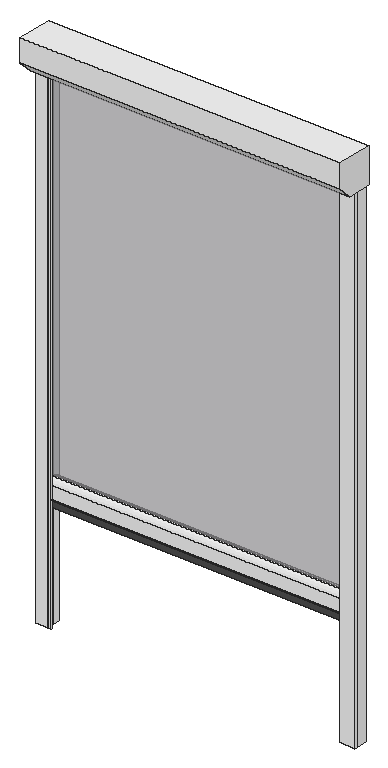
Revit family "Wall_Mount-Screen-Sliding-Phantom_Screens-Motorized_Overhead_Surface_Mounted-1", category Specialty Equipment, Revit 2026
Family settings
  Round Connector Dimension = Use Diameter
  Part Type = Normal
  Classification Number = 23.30.60.21
  Work Plane-Based = No
  Enable Cutting in Views = No
  Always vertical = Yes
  Cut with Voids When Loaded = No
  Maintain Annotation Orientation = No
  Shared = No
  Room Calculation Point = No
Parameters (values of type "4 in Housing Surface Mount")
  Width [instance] = if(Requested Width > Max Width, Max Width, if(Requested Width < Min Width, Min Width, Requested Width))  # 3' - 0"
  URL = "https://www.phantomscreens.com/"
  Type Comments = if([7 1/8 in Housing], "7 1/8 in Housing Surface Mount", if([5 1/2 in Housing], "5 1/2 in Housing Surface Mount", "4 in Housing Surface Mount"))  # "4 in Housing Surface Mount"
  Track Thickness = 0' - 1 17/32"  # constant formula
  Track Height = if(Inside Jamb, 0' 1 29/32", 0' 1 85/256")  # 0' - 1 85/256"
  Thickness = if([7 1/8 in Housing], 0' 7 1/8", if([5 1/2 in Housing], 0' 5 1/2", 0' 4"))  # 0' - 4"
  Surface Mounted = not(Inside Jamb)  # yes
  Slide Bar Height [instance] = if([4 in Bottom Seal], 0' 3 11/16", if([6 in Bottom Seal], 0' 4 5/16", if([1 1/2 in Brush Pile], 0' 3 13/16", if([3/4 in Brush Pile], 0' 3 1/16", 0' 3 15/64"))))  # 0' - 3 1/16"
  Roller Radius = if([7 1/8 in Housing], 0' 2 1/2", if([5 1/2 in Housing], 0' 2", 0' 1 1/4"))  # 0' - 1 1/4"
  Inside Jamb = no
  Screen Opening Height Calc [instance] = if(Screen Opening > Height Opening - Slide Bar Height, Height Opening - Slide Bar Height, Screen Opening)  # 1' - 0"
  Requested Width [instance] = 3' - 0"
  Requested Height [instance] = 5' - 0"
  Product Page URL = "https://www.phantomscreens.com/retractable-large-openings/"
  Product Name = "Motorized Overhead Wall Screens"  # constant formula
  Product Documentation Link = "https://www.phantomscreens.com/architects-designers/"
  Model = "Motorized Retractable Wall Screen"  # constant formula
  Min Width = if([7 1/8 in Housing], 2' 9", if([5 1/2 in Housing], 2' 9", 2' 2"))  # 2' - 2"
  Mesh Offset = 0' - 0 177/256"
  Max Width = if([7 1/8 in Housing], 25' 0", if([5 1/2 in Housing], 20' 0", 10' 0"))  # 10' - 0"
  Max Height = if([7 1/8 in Housing], 16' 0", if([5 1/2 in Housing], 11' 0", 8' 0"))  # 8' - 0"
  Manufacturer = "Phantom Mfg. (Int'l) Ltd."  # constant formula
  Housing Height = if([7 1/8 in Housing], 0' 7 1/8", if([5 1/2 in Housing], 0' 5 1/2", 0' 4"))  # 0' - 4"
  Height Opening [instance] = Height - Housing Height  # 4' - 8"
  Height [instance] = if(Requested Height > Max Height, Max Height, Requested Height)  # 5' - 0"
  Finish Seal = Vinyl-Seal-Phantom_Screens-T-Vinyl_Black
  Finish Screen = Screen-Insect_Mesh-Phantom_Screens-BetterVue_Mesh
  Finish = Metal-Aluminum-Phantom_Screens-Classic_White
  Screen Opening [instance] = 1' - 0"
  Description = "Phantom motorized retractable screen with side tracks"  # constant formula
  Default Elevation = 0' - 0"
  Brush Pile [instance] = or([3/4 in Brush Pile], [1 1/2 in Brush Pile])  # yes
  Assembly Code = "B2010300"
  6 in Bottom Seal [instance] = no
  5 1/2 in Housing = no
  7 1/8 in Housing = no
  4 in Housing = not(or([5 1/2 in Housing], [7 1/8 in Housing]))  # yes
  4 in Bottom Seal [instance] = no
  3/4 in Brush Pile [instance] = yes
  3 in Bottom Seal [instance] = not(or(or(or([4 in Bottom Seal], [6 in Bottom Seal], [1 1/2 in Brush Pile], [3/4 in Brush Pile]))))  # no
  1 1/2 in Brush Pile [instance] = no
Reference planes (in)
  plane 1 "Center (Front/Back)": y = -3.46754
  plane 2: z = 0
  plane 3 "Center (Left/Right)": x = 28.55646
  plane 4 "Top": z = 60
  plane 5 "Left": x = 10.55646
  plane 6 "Right": x = 46.55646
  plane 7 "Front": y = -5.46754
  plane 8 "Back": y = -1.46754
  plane 9 "Screen Top": z = 56
  plane 10 "Track Interior": y = -3.31278
  plane 11 "Bottom Track": z = 12
  plane 12 "Track Exterior": y = -1.78153
  plane 13 "Right Offset": x = 45.22442
  plane 14 "Left Offset": x = 11.88849
  plane 15 "ScreenOffset": z = 15.0625
  plane 16 "Slide Bar Edge": y = -0.76442
  plane 17 "Req Width Left": x = 10.55646
  plane 18 "Req Width Right": x = 46.55646
  plane 19 "Req Height": z = 60
  plane 20 "screen open": z = 12
  plane 21: z = 12
Forms (in)
  Extrusion 1, solid, material "Metal-Aluminum-Phantom_Screens-Classic_White" <- "Finish", detail levels coarse
    sketch origin (0, 0, 0) x (1, 0, 0) y (0, 1, 0)
      loop
        line (10.55646, -1.78153) -> (10.55646, -3.31278) -> (11.88849, -3.31278) -> (11.88849, -1.78153) -> (10.55646, -1.78153)
      loop
        line (45.22442, -1.78153) -> (45.22442, -3.31278) -> (46.55646, -3.31278) -> (46.55646, -1.78153) -> (45.22442, -1.78153)
    from 0 to 56
  Extrusion 2, solid, material "Screen-Insect_Mesh-Phantom_Screens-BetterVue_Mesh" <- "Finish Screen"
    sketch origin (0, -0.02344, 0) x (1, 0, 0) y (0, 1, 0)
      loop
        line (11.51349, -2.4495) -> (11.51349, -2.52372) -> (45.59552, -2.52372) -> (45.59552, -2.4495) -> (11.51349, -2.4495)
    from 14.68029 to 58.05
  Extrusion 3, solid, material "Metal-Aluminum-Phantom_Screens-Classic_White" <- "Finish", visible <- "Inside Jamb", detail levels medium+fine
    sketch origin (0, 0, 0) x (1, 0, 0) y (0, 1, 0)
      loop
        line (12.46364, -1.84281) -> (12.46364, -1.78153) -> (10.55646, -1.78153) -> (10.55646, -2.7621) -> (11.12978, -2.7621) -> (11.12978, -3.37406) -> (12.87978, -3.37406) -> (12.87978, -3.31895) -> (12.46349, -3.31895) -> (12.46349, -3.1731) -> (12.46349, -2.60807) -> (12.42731, -2.60807) -> (12.42731, -2.53537) -> (12.46364, -2.53537) -> (12.46364, -1.84281)
      loop
        line (44.64927, -1.84281) -> (44.64927, -2.53537) -> (44.6856, -2.53537) -> (44.6856, -2.60807) -> (44.64942, -2.60807) -> (44.64942, -3.1731) -> (44.64942, -3.25766) -> (44.23313, -3.25766) -> (44.23313, -3.31278) -> (45.98313, -3.31278) -> (45.98313, -2.7621) -> (46.55646, -2.7621) -> (46.55646, -1.78153) -> (44.64927, -1.78153) -> (44.64927, -1.84281)
    from 0 to 56
  Extrusion 4, solid, material "Metal-Aluminum-Phantom_Screens-Classic_White" <- "Finish", visible <- "Surface Mounted", detail levels medium+fine
    sketch origin (0, 0, 0) x (1, 0, 0) y (0, 1, 0)
      loop
        line (11.89032, -1.78153) -> (10.55646, -1.78153) -> (10.55646, -3.10965) -> (10.55646, -3.31278) -> (12.30646, -3.31278) -> (12.30646, -3.25766) -> (11.89017, -3.25766) -> (11.89017, -3.11181) -> (11.89017, -2.54679) -> (11.85398, -2.54679) -> (11.85398, -2.47408) -> (11.89032, -2.47408) -> (11.89032, -1.78153)
      loop
        line (45.22259, -1.78153) -> (45.22259, -2.47408) -> (45.25893, -2.47408) -> (45.25893, -2.54679) -> (45.22274, -2.54679) -> (45.22274, -3.11181) -> (45.22274, -3.25766) -> (44.80646, -3.25766) -> (44.80646, -3.31278) -> (46.55646, -3.31278) -> (46.55646, -3.10965) -> (46.55646, -1.78153) -> (45.22259, -1.78153)
    from 0 to 56
  Extrusion 5, solid, material "Metal-Aluminum-Phantom_Screens-Classic_White" <- "Finish", detail levels coarse
    sketch origin (28.55646, 0, 0) x (0, 1, 0) y (0, 0, 1)
      loop
        line (-1.46754, 60) -> (-5.46754, 60) -> (-5.46754, 56) -> (-1.46754, 56) -> (-1.46754, 60)
    from -18 to 18
  Extrusion 6, solid, material "Metal-Aluminum-Phantom_Screens-Classic_White" <- "Finish", detail levels medium+fine
    sketch origin (28.55646, 0, 0) x (0, 1, 0) y (0, 0, 1)
      loop
        line (-5.46754, 57.443) -> (-4.02454, 56) -> (-1.46754, 56) -> (-1.46754, 60) -> (-5.46754, 60) -> (-5.46754, 57.443)
    from -18 to 18
  Extrusion 7, solid, material "Metal-Aluminum-Phantom_Screens-Classic_White" <- "Finish", detail levels coarse
    sketch origin (28.55646, 0, 0) x (0, 1, 0) y (0, 0, 1)
      loop
        line (-1.95731, 15.0625) -> (-2.98856, 15.0625) -> (-2.98856, 12) -> (-1.95731, 12) -> (-1.95731, 15.0625)
    from -16.66797 to 16.66797
  Extrusion 8, solid, material "Metal-Aluminum-Phantom_Screens-Classic_White" <- "Finish", detail levels medium+fine
    sketch origin (28.55646, -0.01208, 0) x (0, 1, 0) y (0, 0, 1)
      loop
        arc (-2.10058, 12.65046) -> (-2.12244, 12.69419) -> (-2.1349, 12.74147) r 0.23788
        line (-2.1349, 12.74147) -> (-2.01652, 12.74147)
        arc (-2.01652, 12.74147) -> (-1.96084, 12.76453) -> (-1.93778, 12.82021) r 0.07874
        line (-1.93778, 12.82021) -> (-1.93778, 14.28317)
        arc (-1.93778, 14.28317) -> (-2.04075, 14.69479) -> (-2.25244, 15.0625) r 1.53543
        line (-2.25244, 15.0625) -> (-2.36492, 15.0625) -> (-2.36492, 14.99735) -> (-2.54189, 14.99735) -> (-2.54189, 15.0625) -> (-2.65437, 15.0625)
        arc (-2.65437, 15.0625) -> (-2.86606, 14.69479) -> (-2.96903, 14.28317) r 1.53543
        line (-2.96903, 14.28317) -> (-2.96903, 12.82021)
        arc (-2.96903, 12.82021) -> (-2.94597, 12.76453) -> (-2.89029, 12.74147) r 0.07874
        line (-2.89029, 12.74147) -> (-2.7785, 12.74147)
        arc (-2.7785, 12.74147) -> (-2.79095, 12.69419) -> (-2.81282, 12.65046) r 0.23788
        line (-2.81282, 12.65046) -> (-2.10058, 12.65046)
    from -16.66797 to 16.66797
  Extrusion 9, solid, material "Vinyl-Seal-Phantom_Screens-T-Vinyl_Black" <- "Finish Seal", visible <- "3 in Bottom Seal", detail levels medium+fine
    sketch origin (28.55646, -0.43421, -3.5) x (0, 1, 0) y (0, 0, 1)
      loop
        arc (-2.38732, 16.32243) -> (-2.03127, 15.5) -> (-1.67522, 16.32243) r 0.48829
        line (-1.67522, 16.32243) -> (-2.38732, 16.32243)
    from -16.66797 to 16.66797
  Extrusion 10, solid, material "Vinyl-Seal-Phantom_Screens-T-Vinyl_Black" <- "Finish Seal", visible <- "6 in Bottom Seal", detail levels medium+fine
    sketch origin (28.55646, -0.43421, -3) x (0, 1, 0) y (0, 0, 1)
      loop
        arc (-2.38733, 16.90056) -> (-2.03127, 14.9868) -> (-1.67522, 16.90056) r 0.99
        line (-1.67522, 16.90056) -> (-2.38733, 16.90056)
    from -16.66797 to 16.66797
  Extrusion 11, solid, material "Vinyl-Seal-Phantom_Screens-T-Vinyl_Black" <- "Finish Seal", visible <- "4 in Bottom Seal", detail levels medium+fine
    sketch origin (28.55646, -0.43421, -2.36484) x (0, 1, 0) y (0, 0, 1)
      loop
        arc (-2.38733, 15.64039) -> (-2.03127, 14.36478) -> (-1.67522, 15.64039) r 0.6875
        line (-1.67522, 15.64039) -> (-2.38733, 15.64039)
    from -16.66797 to 16.66797
  Extrusion 12, solid, material "Brush-Seal-Phantom_Screens-Brush_Pile_Black", visible <- "Brush Pile", detail levels medium+fine
    sketch origin (28.55646, -0.43421, -3.5) x (0, 1, 0) y (0, 0, 1)
      loop
        line (-1.87492, 15.5) -> (-1.61575, 15.5) -> (-1.66722, 16.15046) -> (-1.82345, 16.15046) -> (-1.87492, 15.5)
      loop
        line (-2.44679, 15.5) -> (-2.18762, 15.5) -> (-2.23909, 16.15046) -> (-2.39532, 16.15046) -> (-2.44679, 15.5)
    from -16.66797 to 16.66797
Dimensions and locks (in)
  equal spacing: plane 5 "Left", plane 3 "Center (Left/Right)", plane 6 "Right"
  "Width": plane 5 "Left" to plane 6 "Right"
  "Housing Height": plane 4 "Top" to plane 9 "Screen Top"
  "Height": plane 4 "Top" to level
  equal spacing: plane 8 "Back", plane 1 "Center (Front/Back)", plane 7 "Front"
  "Track Thickness": plane 10 "Track Interior" to plane 12 "Track Exterior"
  plane 12 "Track Exterior" to plane 8 "Back" = 0' - 0.31398"
  "Track Height": plane 5 "Left" to plane 14 "Left Offset"
  "Track Height": plane 13 "Right Offset" to plane 6 "Right"
  "Slide Bar Height": plane 15 "ScreenOffset" to plane 11 "Bottom Track"
  locked: plane 15 "ScreenOffset" to Extrusion 2 at 0.38221
  "Mesh Offset": Extrusion 2 sketch curve to plane 12 "Track Exterior"
  locked: Extrusion 2 sketch curve to plane 14 "Left Offset" at 0.375
  locked: plane 13 "Right Offset" to Extrusion 2 sketch curve at 0.37109
  plane 5 "Left" to nested 3 = 0' - 1.33386"
  Extrusion 4 sketch curve to plane 5 "Left" to Extrusion 4 sketch curve to Extrusion 4 sketch curve to Extrusion 4 sketch curve to Extrusion 4 sketch curve = 0' - 0" locked, 0' - 1.29753" locked, 0' - 0.03619" locked, 0' - 0.00015" locked, 0' - 0.41614" locked
  Extrusion 4 sketch curve to Extrusion 4 sketch curve to Extrusion 4 sketch curve to Extrusion 4 sketch curve to Extrusion 4 sketch curve to plane 12 "Track Exterior" = 0' - 0.05512" locked, 0' - 0.71087" locked, 0' - 0.0727" locked, 0' - 0.69256" locked, 0' - 0" locked  (x2)
  Extrusion 4 sketch curve to plane 6 "Right" to Extrusion 4 sketch curve to Extrusion 4 sketch curve to Extrusion 4 sketch curve to Extrusion 4 sketch curve = 0' - 0" locked, 0' - 1.29753" locked, 0' - 0.03619" locked, 0' - 0.00015" locked, 0' - 0.41614" locked
  Extrusion 3 sketch curve to plane 5 "Left" to Extrusion 3 sketch curve to Extrusion 3 sketch curve to Extrusion 3 sketch curve to Extrusion 3 sketch curve to Extrusion 3 sketch curve = 0' - 0" locked, 0' - 0.57333" locked, 0' - 1.29753" locked, 0' - 0.03619" locked, 0' - 0.00015" locked, 0' - 0.41614" locked
  Extrusion 3 sketch curve to Extrusion 3 sketch curve to Extrusion 3 sketch curve to Extrusion 3 sketch curve to Extrusion 3 sketch curve to Extrusion 3 sketch curve to plane 12 "Track Exterior" = 0' - 0.05512" locked, 0' - 0.55685" locked, 0' - 0.15403" locked, 0' - 0.0727" locked, 0' - 0.75384" locked, 0' - 0" locked
  Extrusion 3 sketch curve to plane 6 "Right" to Extrusion 3 sketch curve to Extrusion 3 sketch curve to Extrusion 3 sketch curve to Extrusion 3 sketch curve to Extrusion 3 sketch curve = 0' - 0" locked, 0' - 0.57333" locked, 0' - 1.29753" locked, 0' - 0.03619" locked, 0' - 0.00015" locked, 0' - 0.41614" locked
  Extrusion 3 sketch curve to Extrusion 3 sketch curve to Extrusion 3 sketch curve to Extrusion 3 sketch curve to Extrusion 3 sketch curve to Extrusion 3 sketch curve to plane 12 "Track Exterior" = 0' - 0.05512" locked, 0' - 0.49556" locked, 0' - 0.15403" locked, 0' - 0.0727" locked, 0' - 0.75384" locked, 0' - 0" locked
  locked: Extrusion 2 to plane 9 "Screen Top" at 2.05
  locked: Extrusion 2 sketch curve to Extrusion 2 sketch curve at 0.07422
  Extrusion 7 sketch curve to Extrusion 7 sketch curve to plane 10 "Track Interior" = 0' - 1 1/32" locked, 0' - 0 83/256" locked
  locked: plane 8 "Back" to plane 12 "Track Exterior" at 0.31398
  locked: Extrusion 6 sketch curve to plane 12 "Track Exterior" at 0.31398
  plane 12 "Track Exterior" to Extrusion 8 sketch curve to Extrusion 8 sketch curve to Extrusion 8 sketch curve to Extrusion 8 sketch curve to Extrusion 8 sketch curve to Extrusion 8 sketch curve to Extrusion 8 sketch curve to Extrusion 8 sketch curve to Extrusion 8 sketch curve to Extrusion 8 sketch curve = 0' - 0.16832" locked, 0' - 0.07874" locked, 0' - 0.11838" locked, 0' - 0.11754" locked, 0' - 0.11248" locked, 0' - 0.17697" locked, 0' - 0.11248" locked, 0' - 0.12413" locked, 0' - 0.11179" locked, 0' - 0.07874" locked
  Extrusion 8 sketch curve to Extrusion 8 sketch curve to plane 15 "ScreenOffset" to Extrusion 8 sketch curve to Extrusion 8 sketch curve to Extrusion 8 sketch curve to Extrusion 8 sketch curve to Extrusion 8 sketch curve to Extrusion 8 sketch curve = 0' - 0" locked, 0' - 0" locked, 0' - 0.06515" locked, 0' - 0.71418" locked, 0' - 0" locked, 0' - 1.54171" locked, 0' - 0" locked, 0' - 0.09101" locked
  locked: plane 12 "Track Exterior" to nested 1 at 0.16832
  "Thickness": plane 8 "Back" to plane 7 "Front"
  equal spacing: plane 17 "Req Width Left", plane 3 "Center (Left/Right)", plane 18 "Req Width Right"
  "Requested Width": plane 17 "Req Width Left" to plane 18 "Req Width Right"
  "Requested Height": plane 19 "Req Height" to plane 2
  "Screen Opening": plane 21 to plane 2
  "Screen Opening Height Calc": plane 20 "screen open" to plane 2
  plane 12 "Track Exterior" to Extrusion 2 = 0' - 0 49/64"
  Extrusion 9 sketch curve to Extrusion 9 sketch curve to plane 20 "screen open" = 0' - 0.82243" locked, 0' - 0" locked
  plane 8 "Back" to Extrusion 9 sketch curve to Extrusion 9 sketch curve = 0' - 0.64188" locked, 0' - 0.71211" locked
  Extrusion 10 sketch curve to plane 20 "screen open" to Extrusion 10 sketch curve = 0' - 1.90056" locked, 0' - 0.0132" locked
  Extrusion 11 sketch curve to plane 20 "screen open" to Extrusion 11 sketch curve = 0' - 1.27556" locked, 0' - 0.00006" locked
  plane 8 "Back" to Extrusion 11 sketch curve to Extrusion 11 sketch curve = 0' - 0.64188" locked, 0' - 0.71211" locked
  plane 8 "Back" to Extrusion 10 sketch curve to Extrusion 10 sketch curve = 0' - 0.64188" locked, 0' - 0.71211" locked
  aligned and locked: level to plane 2
  aligned and locked: Extrusion 1 sketch curve to plane 10 "Track Interior"  (x2)
  aligned and locked: plane 6 "Right" to Extrusion 1 sketch curve
  aligned and locked: Extrusion 1 to level
  aligned and locked: plane 9 "Screen Top" to Extrusion 1
  aligned and locked: Extrusion 1 sketch curve to plane 13 "Right Offset"
  aligned and locked: plane 12 "Track Exterior" to Extrusion 1 sketch curve  (x2)
  aligned and locked: plane 5 "Left" to Extrusion 1 sketch curve
  aligned and locked: Extrusion 1 sketch curve to plane 14 "Left Offset"
  aligned and locked: plane 5 "Left" to nested 3
  aligned and locked: plane 5 "Left" to nested 4
  aligned and locked: nested 1 to plane 11 "Bottom Track"
  aligned and locked: nested 6 to plane 6 "Right"
  aligned and locked: nested 5 to plane 6 "Right"
  aligned and locked: plane 12 "Track Exterior" to nested 3
  aligned and locked: nested 5 to plane 12 "Track Exterior"
  aligned and locked: nested 6 to plane 12 "Track Exterior"
  aligned and locked: plane 12 "Track Exterior" to nested 4
  aligned and locked: Extrusion 3 to level
  aligned and locked: Extrusion 4 to level
  aligned and locked: plane 9 "Screen Top" to Extrusion 4
  aligned and locked: plane 9 "Screen Top" to Extrusion 3
  aligned and locked: Extrusion 5 sketch curve to plane 8 "Back"
  aligned and locked: Extrusion 5 sketch curve to plane 7 "Front"
  aligned and locked: Extrusion 6 sketch curve to plane 4 "Top"
  aligned and locked: plane 9 "Screen Top" to Extrusion 6 sketch curve
  aligned and locked: plane 7 "Front" to Extrusion 6 sketch curve
  aligned and locked: Extrusion 6 to plane 6 "Right"
  aligned and locked: Extrusion 6 to plane 5 "Left"
  aligned and locked: Extrusion 5 to plane 5 "Left"
  aligned and locked: Extrusion 5 to plane 6 "Right"
  aligned and locked: plane 11 "Bottom Track" to Extrusion 7 sketch curve
  aligned and locked: Extrusion 7 sketch curve to plane 15 "ScreenOffset"
  aligned and locked: Extrusion 7 to plane 14 "Left Offset"
  aligned and locked: Extrusion 7 to plane 13 "Right Offset"
  aligned and locked: Extrusion 8 to plane 14 "Left Offset"
  aligned and locked: Extrusion 8 to plane 13 "Right Offset"
  aligned and locked: plane 8 "Back" to nested 2
  aligned and locked: nested 2 to plane 4 "Top"
  aligned and locked: Extrusion 5 to plane 9 "Screen Top"
  aligned and locked: plane 20 "screen open" to plane 11 "Bottom Track"
  aligned and locked: plane 4 "Top" to Extrusion 5
  aligned and locked: Extrusion 10 to plane 14 "Left Offset"
  aligned and locked: Extrusion 11 to plane 14 "Left Offset"
  aligned and locked: Extrusion 12 to plane 14 "Left Offset"
  aligned and locked: Extrusion 9 to plane 14 "Left Offset"
  aligned and locked: Extrusion 10 to plane 13 "Right Offset"
  aligned and locked: Extrusion 11 to plane 13 "Right Offset"
  aligned and locked: Extrusion 9 to plane 13 "Right Offset"
  aligned and locked: Extrusion 12 to plane 13 "Right Offset"
  aligned and locked: Extrusion 12 to Extrusion 8  (x2)
  aligned and locked: Extrusion 12 to plane 20 "screen open"  (x2)
Automatic sketch dimensions
  Extrusion 3 sketch curve to Extrusion 3 sketch curve = 0' - 0.14585"
  Extrusion 3 sketch curve to Extrusion 3 sketch curve = 0' - 0.08456"
  Extrusion 3 sketch curve to Extrusion 3 sketch curve = 0' - 0.06129"  (x2)
  Extrusion 4 sketch curve to Extrusion 4 sketch curve = 0' - 0.14585"  (x2)
  Extrusion 4 sketch curve to Extrusion 4 sketch curve = 0' - 0 13/64"  (x2)
  Extrusion 5 sketch curve to plane 9 "Screen Top" = 0' - 0"
  Extrusion 5 sketch curve to plane 4 "Top" = 0' - 0"
  plane 7 "Front" to Extrusion 6 sketch curve = 0' - 1.443"
  plane 9 "Screen Top" to Extrusion 6 sketch curve = 0' - 1.443"
  plane 10 "Track Interior" to Extrusion 8 sketch curve = 0' - 0.1638"
  Extrusion 8 sketch curve to Extrusion 8 sketch curve = 0' - 0.03792"
  Extrusion 8 sketch curve to plane 8 "Back" = 0' - 0.01317"
  Extrusion 8 sketch curve to Extrusion 8 sketch curve = 0' - 0.04208"  (x2)
  Extrusion 8 sketch curve to Extrusion 8 sketch curve = 0' - 0.03432"
  Extrusion 12 sketch curve to plane 11 "Bottom Track" = 0' - 0"  (x2)
  Extrusion 12 sketch curve to plane 10 "Track Interior" = 0' - 0.43178"
  Extrusion 12 sketch curve to Extrusion 12 sketch curve = 0' - 0.25917"  (x2)
  Extrusion 12 sketch curve to Extrusion 12 sketch curve = 0' - 0.31269"
  plane 12 "Track Exterior" to Extrusion 12 sketch curve = 0' - 0.47613"
  Extrusion 12 sketch curve to Extrusion 12 sketch curve = 0' - 0 5/32"  (x2)
  Extrusion 12 sketch curve to plane 15 "ScreenOffset" = 0' - 2.41204"
  Extrusion 12 sketch curve to plane 10 "Track Interior" = 0' - 0.48325"
  Extrusion 12 sketch curve to Extrusion 12 sketch curve = 0' - 0"
Nested families (in)
  nested 1: "Nested-Detail-Phantom_Screens-Motorized-Overhead-Slide_Bar" at (28.55646, -2.46548, 14) x (0, 1, 0) z (1, 0, 0), type "Slide Bar"
  nested 2: "Nested-Detail-Phantom_Screens-Motorized-Housing" at (28.55646, -3.46754, 58) x (0, -1, 0) z (1, 0, 0), type "Motorized Housing"
  nested 3: "Nested-Detail-Phantom_Screens-Motorized-Overhead-Side_Track_Surface_Mount" at (11.43146, -1.31278, 0) x (-1, 0, 0) z (0, 0, 1), visible <- "Surface Mounted", type "Side Track Surface Mount"
  nested 4: "Nested-Detail-Phantom_Screens-Motorized-Overhead-Side_Track_Surface_Mount" at (12.00567, -1.37528, 0) x (-1, 0, 0) z (0, 0, 1), visible <- "Inside Jamb", type "Side Track Surface Mount Inside Jamb"
  nested 5: "Nested-Detail-Phantom_Screens-Motorized-Overhead-Side_Track_Surface_Mount" at (45.68146, -1.31278, 0), visible <- "Surface Mounted", type "Side Track Surface Mount"
  nested 6: "Nested-Detail-Phantom_Screens-Motorized-Overhead-Side_Track_Surface_Mount" at (45.10724, -1.31278, 0), visible <- "Inside Jamb", type "Side Track Surface Mount Inside Jamb"
Definition of nested family "Nested-Detail-Phantom_Screens-Motorized-Overhead-Slide_Bar"
  Parameters (values of type "Slide Bar")
    Width = 0' - 1 1/32"  # constant formula
    URL = "https://www.phantomscreens.com/"
    Type Comments = "For Use With Phantom Models Only"  # constant formula
    Manufacturer = "Phantom Mfg. (Int'l) Ltd."  # constant formula
    Height = if([4 in Bottom Seal], 0' 3 11/16", if([6 in Bottom Seal], 0' 4 5/16", if([1 1/2 in Brush Pile], 0' 3 13/16", if([3/4 in Brush Pile], 0' 3 1/16", 0' 3 15/64"))))  # 0' - 3 1/16"
    Description = if([4 in Bottom Seal], "4 in T-Vinyl", if([6 in Bottom Seal], "6 in T-Vinyl", if([1 1/2 in Brush Pile], " 1 1/2 in Unversal Brush Pile", if([3/4 in Brush Pile], "3/4 in Universal Brush Pile", "3 in T-Vinyl"))))  # "3/4 in Universal Brush Pile"
    Brush Pile = or([1 1/2 in Brush Pile], [3/4 in Brush Pile])  # yes
    6 in Bottom Seal = no
    4 in Bottom Seal = no
    3/4 in Brush Pile = yes
    3 in Bottom Seal = not(or(or(or([4 in Bottom Seal], [6 in Bottom Seal], [1 1/2 in Brush Pile], [3/4 in Brush Pile]))))  # no
    1 1/2 in Brush Pile = no
  Reference planes (in)
    plane 1 "Center (Front/Back)": y = -0.46875
    plane 2: z = 0
    plane 3 "Center (Left/Right)": x = 0
    plane 4 "Right": x = 0.51563
    plane 5 "Left": x = -0.51563
    plane 6 "Top": y = 1.0625
    plane 7 "Bottom": y = -2
  Lines and regions (in)
    Masking region 1, in view "Ref. Level", detail levels medium+fine
      outline origin (0, 0, 0) x (1, 0, 0) y (0, 1, 0)
        loop
          arc (-0.20096, 1.0625) -> (-0.41265, 0.69479) -> (-0.51562, 0.28317) r 1.53543
          line (-0.51562, 0.28317) -> (-0.51563, -1.17979)
          arc (-0.51563, -1.17979) -> (-0.49256, -1.23547) -> (-0.43688, -1.25853) r 0.07874
          line (-0.43688, -1.25853) -> (-0.3516, -1.25853) -> (-0.3516, -1.20892) -> (-0.44937, -1.20892)
          arc (-0.44937, -1.20892) -> (-0.47653, -1.15302) -> (-0.44937, -1.09711) r 0.07111
          line (-0.44937, -1.09711) -> (-0.12732, -1.09711)
          arc (-0.12732, -1.09711) -> (-0.10015, -1.15302) -> (-0.12732, -1.20893) r 0.07111
          line (-0.12732, -1.20893) -> (-0.22509, -1.20893) -> (-0.22509, -1.25853) -> (0.22509, -1.25853) -> (0.22509, -1.20892) -> (0.12732, -1.20892)
          arc (0.12732, -1.20892) -> (0.10016, -1.15302) -> (0.12732, -1.09711) r 0.07111
          line (0.12732, -1.09711) -> (0.44937, -1.09711)
          arc (0.44937, -1.09711) -> (0.47653, -1.15302) -> (0.44937, -1.20893) r 0.07111
          line (0.44937, -1.20893) -> (0.3516, -1.20893) -> (0.3516, -1.25853) -> (0.43689, -1.25853)
          arc (0.43689, -1.25853) -> (0.49256, -1.23547) -> (0.51563, -1.17979) r 0.07874
          line (0.51563, -1.17979) -> (0.51563, 0.28317)
          arc (0.51563, 0.28317) -> (0.41266, 0.69479) -> (0.20096, 1.0625) r 1.53543
          line (0.20096, 1.0625) -> (0.08849, 1.0625) -> (0.08849, 0.99735) -> (0.17, 0.99735) -> (0.17, 0.74167) -> (0.0625, 0.74167) -> (0.0625, 0.69177) -> (0.155, 0.61583) -> (0.155, 0.51748)
          arc (0.155, 0.51748) -> (0, 0.36248) -> (-0.155, 0.51748) r 0.155
          line (-0.155, 0.51748) -> (-0.155, 0.61583) -> (-0.0625, 0.69177) -> (-0.0625, 0.74167) -> (-0.17, 0.74167) -> (-0.17, 0.99735) -> (-0.08849, 0.99735) -> (-0.08849, 1.0625) -> (-0.20096, 1.0625)
    Masking region 2, in view "Ref. Level", visible <- "4 in Bottom Seal", detail levels medium+fine
      outline origin (0, 0, 0) x (1, 0, 0) y (0, 1, 0)
        loop
          line (-0.45068, -1.12214) -> (-0.45068, -1.19346) -> (-0.32293, -1.19346)
          arc (-0.32293, -1.19346) -> (-0.32762, -1.27461) -> (-0.35935, -1.34944) r 0.23788
          arc (-0.35935, -1.34944) -> (-0.0033, -2.62506) -> (0.35276, -1.34944) r 0.6875
          arc (0.35276, -1.34944) -> (0.32156, -1.27452) -> (0.31737, -1.19346) r 0.23788
          line (0.31737, -1.19346) -> (0.44495, -1.19346) -> (0.44495, -1.12214) -> (0.13499, -1.12214) -> (0.13499, -1.19346) -> (0.26622, -1.19346)
          arc (0.26622, -1.19346) -> (0.28105, -1.31257) -> (0.35215, -1.40929) r 0.23788
          arc (0.35215, -1.40929) -> (-0.01186, -2.57422) -> (-0.3444, -1.39992) r 0.63672
          arc (-0.3444, -1.39992) -> (-0.28326, -1.30546) -> (-0.27237, -1.19346) r 0.23788
          line (-0.27237, -1.19346) -> (-0.14072, -1.19346) -> (-0.14072, -1.12214) -> (-0.45068, -1.12214)
    Masking region 3, in view "Ref. Level", detail levels coarse
      outline origin (0, 0, 0) x (1, 0, 0) y (0, 1, 0)
        loop
          line (-0.51563, 1.0625) -> (-0.51562, -2) -> (0.51563, -2) -> (0.51563, 1.0625) -> (-0.51563, 1.0625)
    Masking region 4, in view "Ref. Level", detail levels fine
      outline origin (0, 0, 0) x (1, 0, 0) y (0, 1, 0)
        loop
          arc (-0.3531, 0.65108) -> (-0.4115, 0.46544) -> (-0.44476, 0.2737) r 1.46396
          line (-0.44476, 0.2737) -> (-0.44476, -1.04152) -> (0.44476, -1.04152) -> (0.44476, 0.2737)
          arc (0.44476, 0.2737) -> (0.4115, 0.46544) -> (0.3531, 0.65108) r 1.46396
          arc (0.3531, 0.65108) -> (0.28369, 0.68963) -> (0.233, 0.62852) r 0.06217
          line (0.233, 0.62852) -> (0.233, 0.51843)
          arc (0.233, 0.51843) -> (0.00048, 0.28448) -> (-0.233, 0.51748) r 0.233
          line (-0.233, 0.51748) -> (-0.233, 0.62852)
          arc (-0.233, 0.62852) -> (-0.28369, 0.68962) -> (-0.3531, 0.65108) r 0.06217
    Masking region 5, in view "Ref. Level", visible <- "6 in Bottom Seal", detail levels medium+fine
      outline origin (0, 0, 0) x (1, 0, 0) y (0, 1, 0)
        loop
          line (-0.45068, -1.12214) -> (-0.45068, -1.19346) -> (-0.32293, -1.19346)
          arc (-0.32293, -1.19346) -> (-0.32762, -1.27461) -> (-0.35935, -1.34944) r 0.23788
          arc (-0.35935, -1.34944) -> (-0.0033, -3.2632) -> (0.35276, -1.34944) r 0.99
          arc (0.35276, -1.34944) -> (0.32156, -1.27452) -> (0.31737, -1.19346) r 0.23788
          line (0.31737, -1.19346) -> (0.44495, -1.19346) -> (0.44495, -1.12214) -> (0.13499, -1.12214) -> (0.13499, -1.19346) -> (0.26622, -1.19346)
          arc (0.26622, -1.19346) -> (0.28105, -1.31257) -> (0.35215, -1.40929) r 0.23788
          arc (0.35215, -1.40929) -> (-0.02006, -3.18413) -> (-0.3444, -1.39992) r 0.92393
          arc (-0.3444, -1.39992) -> (-0.28326, -1.30546) -> (-0.27237, -1.19346) r 0.23788
          line (-0.27237, -1.19346) -> (-0.14072, -1.19346) -> (-0.14072, -1.12214) -> (-0.45068, -1.12214)
    Masking region 6, in view "Ref. Level", visible <- "3 in Bottom Seal", detail levels medium+fine
      outline origin (0, 0, 0) x (1, 0, 0) y (0, 1, 0)
        loop
          line (-0.45068, -1.12214) -> (-0.45068, -1.19346) -> (-0.32293, -1.19346)
          arc (-0.32293, -1.19346) -> (-0.32762, -1.27461) -> (-0.35935, -1.34944) r 0.23788
          arc (-0.35935, -1.34944) -> (-0.00329, -2.17328) -> (0.35276, -1.34944) r 0.48886
          arc (0.35276, -1.34944) -> (0.32156, -1.27452) -> (0.31737, -1.19346) r 0.23788
          line (0.31737, -1.19346) -> (0.44495, -1.19346) -> (0.44495, -1.12214) -> (0.13499, -1.12214) -> (0.13499, -1.19346) -> (0.26622, -1.19346)
          arc (0.26622, -1.19346) -> (0.26962, -1.27517) -> (0.30048, -1.3509) r 0.23788
          arc (0.30048, -1.3509) -> (-0.00271, -2.12364) -> (-0.30437, -1.3503) r 0.44568
          arc (-0.30437, -1.3503) -> (-0.27478, -1.27465) -> (-0.27237, -1.19346) r 0.23788
          line (-0.27237, -1.19346) -> (-0.14072, -1.19346) -> (-0.14072, -1.12214) -> (-0.45068, -1.12214)
    Masking region 7, in view "Ref. Level", visible <- "Brush Pile", detail levels medium+fine
      outline origin (0, 0, 0) x (1, 0, 0) y (0, 1, 0)
        loop
          line (-0.45068, -1.12214) -> (-0.45068, -1.19346) -> (-0.33075, -1.19346) -> (-0.41552, -2) -> (-0.15635, -2) -> (-0.24112, -1.19346) -> (-0.12509, -1.19346) -> (-0.12509, -1.12214) -> (-0.45068, -1.12214)
        loop
          line (0.45068, -1.12214) -> (0.12509, -1.12214) -> (0.12509, -1.19346) -> (0.24112, -1.19346) -> (0.15635, -2) -> (0.41552, -2) -> (0.33075, -1.19346) -> (0.45068, -1.19346) -> (0.45068, -1.12214)
  Dimensions and locks (in)
    equal spacing: plane 5 "Left", plane 3 "Center (Left/Right)", plane 4 "Right"
    "Height": plane 6 "Top" to plane 7 "Bottom"
    equal spacing: plane 6 "Top", plane 1 "Center (Front/Back)", plane 7 "Bottom"
    "Width": plane 5 "Left" to plane 4 "Right"
    Masking region 1 sketch curve to Masking region 1 sketch curve to Masking region 1 sketch curve to Masking region 1 sketch curve to Masking region 1 sketch curve to Masking region 1 sketch curve to Masking region 1 sketch curve to Masking region 1 sketch curve to Masking region 1 sketch curve to Masking region 1 sketch curve to Masking region 1 sketch curve to plane 3 "Center (Left/Right)" to Masking region 1 sketch curve to Masking region 1 sketch curve to Masking region 1 sketch curve to Masking region 1 sketch curve to Masking region 1 sketch curve to Masking region 1 sketch curve to Masking region 1 sketch curve to Masking region 1 sketch curve to Masking region 1 sketch curve to Masking region 1 sketch curve to Masking region 1 sketch curve = 0' - 0.03909" locked, 0' - 0.03965" locked, 0' - 0.08529" locked, 0' - 0.12651" locked, 0' - 0.02413" locked, 0' - 0.03096" locked, 0' - 0.015" locked, 0' - 0.05485" locked, 0' - 0.01167" locked, 0' - 0.02598" locked, 0' - 0 1/16" locked, 0' - 0 1/16" locked, 0' - 0.02598" locked, 0' - 0.01167" locked, 0' - 0.05485" locked, 0' - 0.015" locked, 0' - 0.03096" locked, 0' - 0.02413" locked, 0' - 0.12651" locked, 0' - 0.08529" locked, 0' - 0.03965" locked, 0' - 0.03909" locked
    plane 6 "Top" to Masking region 1 sketch curve to Masking region 1 sketch curve to Masking region 1 sketch curve to Masking region 1 sketch curve to Masking region 1 sketch curve to Masking region 1 sketch curve to Masking region 1 sketch curve to Masking region 1 sketch curve to Masking region 1 sketch curve to Masking region 1 sketch curve to Masking region 1 sketch curve to Masking region 1 sketch curve to Masking region 1 sketch curve to Masking region 1 sketch curve to Masking region 1 sketch curve to Masking region 1 sketch curve to Masking region 1 sketch curve to Masking region 1 sketch curve to Masking region 1 sketch curve to Masking region 1 sketch curve to Masking region 1 sketch curve to Masking region 1 sketch curve to Masking region 1 sketch curve to Masking region 1 sketch curve = 0' - 0" locked, 0' - 0" locked, 0' - 0.06515" locked, 0' - 0" locked, 0' - 0.25568" locked, 0' - 0" locked, 0' - 0.0499" locked, 0' - 0" locked, 0' - 0.07594" locked, 0' - 0" locked, 0' - 0.09835" locked, 0' - 0" locked, 0' - 0.155" locked, 0' - 0.0793" locked, 0' - 0" locked, 0' - 1.38029" locked, 0' - 0" locked, 0' - 0.11181" locked, 0' - 0" locked, 0' - 0" locked, 0' - 0" locked, 0' - 0.04961" locked, 0' - 0" locked, 0' - 0" locked
    plane 6 "Top" to Masking region 4 sketch curve to Masking region 4 sketch curve to Masking region 4 sketch curve to Masking region 4 sketch curve to Masking region 4 sketch curve to Masking region 4 sketch curve to Masking region 4 sketch curve to Masking region 4 sketch curve to Masking region 4 sketch curve to Masking region 4 sketch curve to Masking region 4 sketch curve to Masking region 4 sketch curve = 0' - 0.37181" locked, 0' - 0" locked, 0' - 0.03961" locked, 0' - 0" locked, 0' - 0.02256" locked, 0' - 0" locked, 0' - 0.11009" locked, 0' - 0.00096" locked, 0' - 0.233" locked, 0' - 0.01078" locked, 0' - 0" locked, 0' - 1.31522" locked
    Masking region 4 sketch curve to Masking region 4 sketch curve to Masking region 4 sketch curve to plane 3 "Center (Left/Right)" to Masking region 4 sketch curve to Masking region 4 sketch curve to Masking region 4 sketch curve to Masking region 4 sketch curve = 0' - 0.09166" locked, 0' - 0.1201" locked, 0' - 0.233" locked, 0' - 0" locked, 0' - 0.233" locked, 0' - 0.1201" locked, 0' - 0.09166" locked
    Masking region 2 sketch curve to Masking region 2 sketch curve to Masking region 2 sketch curve to Masking region 2 sketch curve to Masking region 2 sketch curve to Masking region 2 sketch curve to Masking region 2 sketch curve to Masking region 2 sketch curve to Masking region 2 sketch curve to Masking region 2 sketch curve to Masking region 2 sketch curve to Masking region 2 sketch curve to plane 6 "Top" = 0' - 0 13/256" locked, 0' - 1.16499" locked, 0' - 0.00937" locked, 0' - 0.05048" locked, 0' - 0" locked, 0' - 0.15598" locked, 0' - 0" locked, 0' - 0" locked, 0' - 0" locked, 0' - 0.07131" locked, 0' - 0" locked, 0' - 2.18464" locked
    Masking region 2 sketch curve to Masking region 2 sketch curve to Masking region 2 sketch curve to Masking region 2 sketch curve to Masking region 2 sketch curve to Masking region 2 sketch curve to plane 3 "Center (Left/Right)" to Masking region 2 sketch curve to Masking region 2 sketch curve to Masking region 2 sketch curve to Masking region 2 sketch curve = 0' - 0 13/256" locked, 0' - 0.18933" locked, 0' - 0.12929" locked, 0' - 0.05141" locked, 0' - 0.12926" locked, 0' - 0.14072" locked, 0' - 0.13499" locked, 0' - 0.12919" locked, 0' - 0.05149" locked, 0' - 0.12929" locked
    Masking region 5 sketch curve to Masking region 5 sketch curve to Masking region 5 sketch curve to Masking region 5 sketch curve to Masking region 5 sketch curve to Masking region 5 sketch curve to plane 3 "Center (Left/Right)" to Masking region 5 sketch curve to Masking region 5 sketch curve to Masking region 5 sketch curve to Masking region 5 sketch curve to Masking region 5 sketch curve = 0' - 0.09133" locked, 0' - 0.01495" locked, 0' - 0.02147" locked, 0' - 0.05057" locked, 0' - 0.13165" locked, 0' - 0.14072" locked, 0' - 0.13499" locked, 0' - 0.13123" locked, 0' - 0.05115" locked, 0' - 0.03478" locked, 0' - 0.09281" locked
    plane 6 "Top" to Masking region 5 sketch curve to Masking region 5 sketch curve to Masking region 5 sketch curve to Masking region 5 sketch curve to Masking region 5 sketch curve to Masking region 5 sketch curve to Masking region 5 sketch curve to Masking region 5 sketch curve to Masking region 5 sketch curve to Masking region 5 sketch curve to Masking region 5 sketch curve to Masking region 5 sketch curve = 0' - 2.18464" locked, 0' - 0" locked, 0' - 0.07131" locked, 0' - 0" locked, 0' - 0" locked, 0' - 0" locked, 0' - 0.15598" locked, 0' - 0" locked, 0' - 0.05048" locked, 0' - 0.00937" locked, 0' - 1.77492" locked, 0' - 0.07899" locked
    plane 6 "Top" to Masking region 6 sketch curve to Masking region 6 sketch curve to Masking region 6 sketch curve to Masking region 6 sketch curve to Masking region 6 sketch curve to Masking region 6 sketch curve to Masking region 6 sketch curve to Masking region 6 sketch curve to Masking region 6 sketch curve to Masking region 6 sketch curve to Masking region 6 sketch curve to Masking region 6 sketch curve = 0' - 2.18464" locked, 0' - 0" locked, 0' - 0.07131" locked, 0' - 0" locked, 0' - 0" locked, 0' - 0" locked, 0' - 0.15598" locked, 0' - 0" locked, 0' - 0.00086" locked, 0' - 0.0006" locked, 0' - 0.77274" locked, 0' - 0.04964" locked
    Masking region 6 sketch curve to Masking region 6 sketch curve to Masking region 6 sketch curve to Masking region 6 sketch curve to plane 3 "Center (Left/Right)" to Masking region 6 sketch curve to Masking region 6 sketch curve to Masking region 6 sketch curve to Masking region 6 sketch curve = 0' - 0.09133" locked, 0' - 0.05498" locked, 0' - 0.16366" locked, 0' - 0.14072" locked, 0' - 0.13499" locked, 0' - 0.16549" locked, 0' - 0.05228" locked, 0' - 0.09219" locked
    plane 6 "Top" to Masking region 7 sketch curve to Masking region 7 sketch curve to Masking region 7 sketch curve to Masking region 7 sketch curve to Masking region 7 sketch curve to Masking region 7 sketch curve = 0' - 2.18464" locked, 0' - 0" locked, 0' - 0.07131" locked, 0' - 0" locked, 0' - 0" locked, 0' - 0" locked
    Masking region 7 sketch curve to Masking region 7 sketch curve to Masking region 7 sketch curve to Masking region 7 sketch curve to plane 3 "Center (Left/Right)" to Masking region 7 sketch curve to Masking region 7 sketch curve to Masking region 7 sketch curve to Masking region 7 sketch curve = 0' - 0.11993" locked, 0' - 0.08963" locked, 0' - 0.11603" locked, 0' - 0.12509" locked, 0' - 0.12509" locked, 0' - 0.11603" locked, 0' - 0.08963" locked, 0' - 0.11993" locked
    Masking region 1 to plane 6 "Top" = 0' - 2.32103"
    aligned and locked: Masking region 3 sketch curve to plane 6 "Top"
    aligned and locked: Masking region 3 sketch curve to plane 5 "Left"
    aligned and locked: Masking region 3 sketch curve to plane 7 "Bottom"
    aligned and locked: Masking region 3 sketch curve to plane 4 "Right"
    aligned and locked: Masking region 7 sketch curve to plane 7 "Bottom"
    aligned and locked: plane 7 "Bottom" to Masking region 7 sketch curve
  Automatic sketch dimensions
    plane 5 "Left" to Masking region 1 sketch curve = 0' - 0.49548"
    Masking region 1 sketch curve to plane 5 "Left" = 0' - 0.06626"
    Masking region 1 sketch curve to Masking region 1 sketch curve = 0' - 0.01248"  (x2)
    Masking region 1 sketch curve to Masking region 1 sketch curve = 0' - 0.05383"
    Masking region 1 sketch curve to Masking region 1 sketch curve = 0' - 0.04394"
    plane 3 "Center (Left/Right)" to Masking region 1 sketch curve = 0' - 0.12732"
    Masking region 1 sketch curve to Masking region 1 sketch curve = 0' - 0.09777"
    Masking region 1 sketch curve to Masking region 1 sketch curve = 0' - 0.03146"
    plane 4 "Right" to Masking region 1 sketch curve = 0' - 0.49548"
    Masking region 1 sketch curve to Masking region 1 sketch curve = 0' - 0"
    Masking region 2 sketch curve to Masking region 2 sketch curve = 0' - 0"  (x2)
    Masking region 2 sketch curve to plane 5 "Left" = 0' - 0.00777"
    plane 5 "Left" to Masking region 2 sketch curve = 0' - 0.04365"
    Masking region 2 sketch curve to Masking region 2 sketch curve = 0' - 0.12775"
    Masking region 2 sketch curve to Masking region 2 sketch curve = 0' - 0.13123"
    Masking region 2 sketch curve to Masking region 2 sketch curve = 0' - 0.05115"
    plane 5 "Left" to Masking region 4 sketch curve = 0' - 0.49548"
    plane 4 "Right" to Masking region 4 sketch curve = 0' - 0.49548"
    Masking region 5 sketch curve to plane 5 "Left" = 0' - 0.00777"
    plane 5 "Left" to Masking region 5 sketch curve = 0' - 0.04365"
    Masking region 5 sketch curve to plane 3 "Center (Left/Right)" = 0' - 0.00329"
    Masking region 5 sketch curve to plane 4 "Right" = 0' - 0.01357"
    plane 4 "Right" to Masking region 5 sketch curve = 0' - 0.03792"
    Masking region 7 sketch curve to plane 5 "Left" = 0' - 0.10011"
    Masking region 7 sketch curve to plane 3 "Center (Left/Right)" = 0' - 0.15635"
    plane 3 "Center (Left/Right)" to Masking region 7 sketch curve = 0' - 0.15635"
    Masking region 7 sketch curve to plane 4 "Right" = 0' - 0.10011"
    Masking region 6 sketch curve to plane 5 "Left" = 0' - 0.00777"
    plane 5 "Left" to Masking region 6 sketch curve = 0' - 0.04365"
    Masking region 6 sketch curve to Masking region 6 sketch curve = 0' - 0.12775"
    Masking region 6 sketch curve to Masking region 6 sketch curve = 0' - 0.05057"
    Masking region 6 sketch curve to Masking region 6 sketch curve = 0' - 0.13123"
    Masking region 6 sketch curve to Masking region 6 sketch curve = 0' - 0.05115"
    Masking region 6 sketch curve to plane 4 "Right" = 0' - 0.01357"
    plane 4 "Right" to Masking region 6 sketch curve = 0' - 0.03792"
Definition of nested family "Nested-Detail-Phantom_Screens-Motorized-Housing"
  Parameters (values of type "Motorized Housing")
    Width = if([5 in Roller], 0' 7 1/8", if([4 in Roller], 0' 5 1/2", 0' 4"))  # 0' - 7 1/8"
    URL = "https://www.phantomscreens.com/"
    Type Comments = "For Use With Phantom Models Only"  # constant formula
    Surface Mount = yes
    Roller Radius = 0' - 1 71/128"
    Recessed Mount = no
    Model = if([5 in Roller], "5 in Roller", "4 in Roller")  # "5 in Roller"
    Manufacturer = "Phantom Mfg. (Int'l) Ltd."  # constant formula
    Height = if([5 in Roller], 0' 7 1/8", if([4 in Roller], 0' 5 1/2", 0' 4"))  # 0' - 7 1/8"
    Front Offset = if([5 in Roller], 0' 3 1/4", if([4 in Roller], 0' 2 3/4", 0' 2"))  # 0' - 3 1/4"
    Description = if(Recessed Mount, "Recessed Housing", "Surface Mount Housing")  # "Surface Mount Housing"
    5 in Roller = yes
    4 in Roller = no
    2.5 in Roller = not(or([4 in Roller], [5 in Roller]))  # no
  Reference planes (in)
    plane 1 "Center (Front/Back)": y = 0
    plane 2: z = 0
    plane 3 "Center (Left/Right)": x = 0
    plane 4 "Top": y = 3.25
    plane 5 "Bottom": y = -3.875
    plane 6 "Back": x = 3.875
    plane 7 "Front": x = -3.25
    plane 8: y = -8.25
  Lines and regions (in)
    Masking region 1, in view "Ref. Level", detail levels medium+fine
      outline origin (0, 0, 0) x (1, 0, 0) y (0, 1, 0)
        loop
          circle (0, 0) r 1.55469
    Masking region 2, in view "Ref. Level", visible <- "Surface Mount", detail levels medium+fine
      outline origin (0, 0, 0) x (1, 0, 0) y (0, 1, 0)
        loop
          line (-1.83687, -3.74) -> (2.12565, -3.74) -> (2.12565, -3.67183)
          arc (2.12565, -3.67183) -> (2.28563, -3.51571) -> (2.42821, -3.68787) r 0.152
          line (2.42821, -3.68787) -> (3.61495, -2.50113) -> (3.59149, -2.47768)
          arc (3.59149, -2.47768) -> (3.52126, -2.30462) -> (3.67183, -2.19411) r 0.152
          line (3.67183, -2.19411) -> (3.74, -2.19411) -> (3.74, 2.15673) -> (3.499, 2.28373) -> (3.499, 2.8905) -> (3.4265, 2.8905)
          arc (3.4265, 2.8905) -> (3.31902, 2.93502) -> (3.2745, 3.0425) r 0.152
          line (3.2745, 3.0425) -> (3.2745, 3.115) -> (-2.64637, 3.115) -> (-2.64637, 3.0425)
          arc (-2.64637, 3.0425) -> (-2.69089, 2.93502) -> (-2.79837, 2.8905) r 0.152
          line (-2.79837, 2.8905) -> (-2.87087, 2.8905) -> (-2.91223, 2.89035) -> (-2.91223, 2.82804)
          arc (-2.91223, 2.82804) -> (-2.95675, 2.72056) -> (-3.06424, 2.67604) r 0.15201
          line (-3.06424, 2.67604) -> (-3.11188, 2.67604) -> (-3.11188, -2.0085)
          arc (-3.11188, -2.0085) -> (-2.99801, -2.072) -> (-3.0437, -2.19411) r 0.1
          arc (-3.0437, -2.19411) -> (-2.89313, -2.30462) -> (-2.96337, -2.47768) r 0.152
          line (-2.96337, -2.47768) -> (-3.11188, -2.47768) -> (-3.11188, -3.37643) -> (-3.0437, -3.37643)
          arc (-3.0437, -3.37643) -> (-2.89313, -3.48694) -> (-2.96337, -3.66) r 0.152
          line (-2.96337, -3.66) -> (-1.83687, -3.66) -> (-1.83687, -3.74)
        loop
          line (-1.83687, -3.82) -> (2.40922, -3.82) -> (3.77533, -2.45388)
          arc (3.77533, -2.45388) -> (3.80839, -2.40441) -> (3.82, -2.34605) r 0.1525
          line (3.82, -2.34605) -> (3.82, 2.205) -> (3.579, 2.332) -> (3.579, 3.0425)
          arc (3.579, 3.0425) -> (3.53433, 3.15033) -> (3.4265, 3.195) r 0.1525
          line (3.4265, 3.195) -> (-2.79837, 3.195)
          arc (-2.79837, 3.195) -> (-2.90621, 3.15033) -> (-2.95087, 3.0425) r 0.1525
          line (-2.95087, 3.0425) -> (-2.95087, 2.96642) -> (-3.03954, 2.96642)
          arc (-3.03954, 2.96642) -> (-3.1506, 2.92042) -> (-3.1966, 2.80936) r 0.15706
          line (-3.1966, 2.80936) -> (-3.1966, -3.875) -> (-1.83687, -3.875) -> (-1.83687, -3.82)
    Masking region 3, in view "Ref. Level", visible <- "Surface Mount", detail levels fine
      outline origin (0, 0, 0) x (1, 0, 0) y (0, 1, 0)
        loop
          line (3.7225, 3.25) -> (-3.0975, 3.25)
          arc (-3.0975, 3.25) -> (-3.20533, 3.20533) -> (-3.25, 3.0975) r 0.1525
          line (-3.25, 3.0975) -> (-3.25, -3.875) -> (-3.195, -3.875) -> (2.432, -3.875) -> (3.83033, -2.47667)
          arc (3.83033, -2.47667) -> (3.86339, -2.42719) -> (3.875, -2.36883) r 0.1525
          line (3.875, -2.36883) -> (3.875, 3.0975)
          arc (3.875, 3.0975) -> (3.83033, 3.20533) -> (3.7225, 3.25) r 0.1525
    Masking region 4, in view "Ref. Level", visible <- "Surface Mount", detail levels fine
      outline origin (0, 0, 0) x (1, 0, 0) y (0, 1, 0)
        loop
          circle (-2.8015, 3.0425) r 0.07
        loop
          circle (3.4265, 3.0425) r 0.07
        loop
          circle (3.6675, -2.34605) r 0.07
        loop
          circle (2.27759, -3.6675) r 0.07
        loop
          circle (-3.0425, -3.52837) r 0.07
        loop
          circle (-3.0425, -2.34605) r 0.07
        loop
          circle (-3.04503, 2.8201) r 0.07
    Masking region 5, in view "Ref. Level", detail levels fine
      outline origin (0, 0, 0) x (1, 0, 0) y (0, 1, 0)
        loop
          circle (0, 0) r 0.356
        loop
          circle (0, 0) r 0.222
    Masking region 6, in view "Ref. Level", detail levels coarse
      outline origin (0, 0, 0) x (1, 0, 0) y (0, 1, 0)
        loop
          line (-3.25, 3.25) -> (-3.25, -3.875) -> (3.875, -3.875) -> (3.875, 3.25) -> (-3.25, 3.25)
    detail lines, in view "Ref. Level", visible <- "Recessed Mount", detail levels fine
      curve 1: line (-1.5625, 3.25, 0) -> (1.5625, 3.25, 0)
      curve 2: line (1.5625, 3.25, 0) -> (1.5625, -2.25, 0)
      curve 3: line (1.5625, -2.25, 0) -> (-1.5625, -2.25, 0)
      curve 4: line (-1.5625, -2.25, 0) -> (-1.5625, 3.25, 0)
      curve 5: line (-1.5625, 3, 0) -> (1.5625, 3, 0)
  Dimensions and locks (in)
    locked: plane 3 "Center (Left/Right)" to Masking region 1 sketch curve
    locked: plane 1 "Center (Front/Back)" to Masking region 1 sketch curve
    Masking region 3 sketch curve to Masking region 3 sketch curve to plane 6 "Back" = 0' - 1.443" locked, 0' - 0" locked
    plane 7 "Front" to Masking region 2 sketch curve to Masking region 2 sketch curve to Masking region 2 sketch curve to Masking region 2 sketch curve to Masking region 2 sketch curve to Masking region 2 sketch curve to Masking region 2 sketch curve to Masking region 2 sketch curve to Masking region 2 sketch curve to Masking region 2 sketch curve to Masking region 2 sketch curve to Masking region 2 sketch curve = 0' - 0.0534" locked, 0' - 0.08473" locked, 0' - 0" locked, 0' - 0.06817" locked, 0' - 0" locked, 0' - 0.00433" locked, 0' - 0.07601" locked, 0' - 0.01249" locked, 0' - 0.03864" locked, 0' - 0.26586" locked, 0' - 0.8095" locked, 0' - 0" locked
    Masking region 2 sketch curve to plane 5 "Bottom" to Masking region 2 sketch curve to Masking region 2 sketch curve to Masking region 2 sketch curve to Masking region 2 sketch curve to Masking region 2 sketch curve to Masking region 2 sketch curve to Masking region 2 sketch curve to Masking region 2 sketch curve to Masking region 2 sketch curve to Masking region 2 sketch curve to Masking region 2 sketch curve to Masking region 2 sketch curve = 0' - 0" locked, 0' - 0.055" locked, 0' - 0.08" locked, 0' - 0.05213" locked, 0' - 0.02787" locked, 0' - 0.28357" locked, 0' - 0.87529" locked, 0' - 0 3/128" locked, 0' - 0.0238" locked, 0' - 0.10783" locked, 0' - 0.15194" locked, 0' - 0" locked, 0' - 0.18561" locked
    Masking region 4 sketch curve to Masking region 4 sketch curve to Masking region 4 sketch curve to Masking region 4 sketch curve = 0' - 0.00253", 0' - 0" locked, 0' - 0.241" locked
    plane 5 "Bottom" to Masking region 4 sketch curve to Masking region 4 sketch curve to Masking region 4 sketch curve to Masking region 4 sketch curve = 0' - 0.1375" locked, 0' - 0.13913" locked, 0' - 1.18232" locked, 0' - 0" locked
    "Front Offset": plane 7 "Front" to plane 3 "Center (Left/Right)"
    "Width": plane 7 "Front" to plane 6 "Back"
    "Height": plane 4 "Top" to plane 5 "Bottom"
    locked: plane 4 "Top" to Masking region 3 sketch curve
    plane 5 "Bottom" to Masking region 3 sketch curve to Masking region 3 sketch curve to Masking region 3 sketch curve = 0' - 0" locked, 0' - 1.39833" locked, 0' - 0.10783" locked
    Masking region 2 sketch curve to Masking region 2 sketch curve to Masking region 2 sketch curve to Masking region 2 sketch curve to Masking region 2 sketch curve to Masking region 2 sketch curve to Masking region 2 sketch curve to Masking region 2 sketch curve to Masking region 2 sketch curve to plane 6 "Back" = 0' - 0.28357" locked, 0' - 0.019" locked, 0' - 0.84629" locked, 0' - 0.2245" locked, 0' - 0.08" locked, 0' - 0.03595" locked, 0' - 0.12505" locked, 0' - 0.08" locked, 0' - 0.055" locked
    Masking region 2 sketch curve to Masking region 2 sketch curve to Masking region 2 sketch curve to Masking region 2 sketch curve to Masking region 2 sketch curve to Masking region 2 sketch curve to Masking region 2 sketch curve to Masking region 2 sketch curve to Masking region 2 sketch curve to Masking region 2 sketch curve to Masking region 2 sketch curve to Masking region 2 sketch curve to plane 4 "Top" = 0' - 0.04827" locked, 0' - 0.07873" locked, 0' - 0.04827" locked, 0' - 0.34404" locked, 0' - 0.13332" locked, 0' - 0.08114" locked, 0' - 0" locked, 0' - 0.07592" locked, 0' - 0.07608" locked, 0' - 0.0725" locked, 0' - 0.08" locked, 0' - 0.055" locked
    Masking region 4 sketch curve to Masking region 4 sketch curve to Masking region 4 sketch curve to plane 6 "Back" = 0' - 1.14891" locked, 0' - 0.241" locked, 0' - 0.2075" locked
    Masking region 4 sketch curve to Masking region 4 sketch curve to Masking region 4 sketch curve to plane 4 "Top" = 0' - 0.2224" locked, 0' - 0" locked, 0' - 0.2775" locked
    "Front Offset": plane 4 "Top" to plane 1 "Center (Front/Back)"
    Masking region 5 sketch curve to Masking region 5 sketch curve to Masking region 5 sketch curve = 0' - 0.134", 0' - 0.222"
    locked: Masking region 5 sketch curve to Masking region 5 sketch curve at 0.134
    curve 4 to plane 3 "Center (Left/Right)" to curve 2 = 0' - 1 9/16" locked, 0' - 1 9/16" locked
    curve 3 to plane 1 "Center (Front/Back)" to curve 5 to curve 1 = 0' - 2 1/4", 0' - 3", 0' - 0 1/4" locked
    "Roller Radius": radius of Masking region 1 sketch curve
    aligned and locked: Masking region 6 sketch curve to plane 4 "Top"
    aligned and locked: Masking region 6 sketch curve to plane 7 "Front"
    aligned and locked: Masking region 6 sketch curve to plane 5 "Bottom"
    aligned and locked: Masking region 6 sketch curve to plane 6 "Back"
  Automatic sketch dimensions
    Masking region 3 sketch curve to Masking region 3 sketch curve = 0' - 0.055"
    Masking region 3 sketch curve to Masking region 3 sketch curve = 0' - 0.1525"  (x2)
    Masking region 3 sketch curve to Masking region 3 sketch curve = 0' - 0.10783"
    Masking region 2 sketch curve to Masking region 2 sketch curve = 0' - 0"  (x4)
    Masking region 2 sketch curve to Masking region 2 sketch curve = 0' - 0.04817"
    Masking region 2 sketch curve to Masking region 2 sketch curve = 0' - 0.0725"
    Masking region 2 sketch curve to Masking region 2 sketch curve = 0' - 0.07601"
    Masking region 2 sketch curve to Masking region 2 sketch curve = 0' - 0.04136"
    Masking region 2 sketch curve to Masking region 2 sketch curve = 0' - 0.15063"
    Masking region 2 sketch curve to Masking region 2 sketch curve = 0' - 0.152"
    Masking region 2 sketch curve to Masking region 2 sketch curve = 0' - 0 3/128"
    Masking region 2 sketch curve to Masking region 2 sketch curve = 0' - 0.04467"
    Masking region 2 sketch curve to Masking region 2 sketch curve = 0' - 0.06817"
    Masking region 2 sketch curve to Masking region 2 sketch curve = 0' - 0.01868"
    Masking region 2 sketch curve to Masking region 2 sketch curve = 0' - 0.00015"
    Masking region 3 sketch curve to plane 7 "Front" = 0' - 0"
    Masking region 4 sketch curve to plane 7 "Front" = 0' - 0.4485"
    Masking region 5 sketch curve to Masking region 5 sketch curve = 0' - 0"
    plane 1 "Center (Front/Back)" to Masking region 5 sketch curve = 0' - 0"
    Masking region 5 sketch curve to plane 3 "Center (Left/Right)" = 0' - 0"
    radius of Masking region 4 sketch curve = 0' - 0.07"  (x7)
Definition of nested family "Nested-Detail-Phantom_Screens-Motorized-Overhead-Side_Track_Surface_Mount"
  Parameters (values of type "Side Track Surface Mount")
    Width = if(Inside Jamb, 0' 2 83/256", Jamb Width)  # 0' - 1 3/4"
    URL = "https://www.phantomscreens.com/"
    Type Comments = "For Use With Phantom Models Only"  # constant formula
    Manufacturer = "Phantom Mfg. (Int'l) Ltd."  # constant formula
    Jamb Width = if([4 in Housing], 0' 1 77/256", 0' 1 3/4")  # 0' - 1 3/4"
    Jamb Height = if([4 in Housing], 0' 1 21/64", 0' 1 17/32")  # 0' - 1 17/32"
    Int Diameter = if([4 in Housing], 0' 0 11/128", 0' 0 9/64")  # 0' - 0 9/64"
    Inside Jamb = no
    Height = if(Inside Jamb, 0' 1 19/32", Jamb Height)  # 0' - 1 17/32"
    Ext Diameter = if([4 in Housing], 0' 0 9/64", 0' 0 27/128")  # 0' - 0 27/128"
    Description = if(Inside Jamb, "Side Track Surface Mount Inside Jamb", "Side Track Surface Mount")  # "Side Track Surface Mount"
    7 1/8 in Housing = no
    5 1/2 in Housing = yes
    4 in Housing = not(or([5 1/2 in Housing], [7 1/8 in Housing]))  # no
  Types (2): name | Width | Inside Jamb | Height | Description
    Side Track Surface Mount Inside Jamb | 0' - 2 83/256" | yes | 0' - 1 19/32" | "Side Track Surface Mount Inside Jamb"
    Side Track Surface Mount | 0' - 1 3/4" | no | 0' - 1 17/32" | "Side Track Surface Mount"
  Reference planes (in)
    plane 1 "Center (Front/Back)": y = -1.23437
    plane 2: z = 0
    plane 3 "Center (Left/Right)": x = 0
    plane 4 "Jamb Right": x = 0.875
    plane 5 "Left": x = -0.875
    plane 6 "Top": y = -0.46875
    plane 7 "Bottom": y = -2
    plane 8 "Right": x = 0.875
    plane 9: y = -0.46875
  Lines and regions (in)
    Masking region 1, in view "Ref. Level", detail levels medium+fine
      outline origin (0, 0, 0) x (1, 0, 0) y (0, 1, 0)
        loop
          line (0.875, -0.46875) -> (-0.45886, -0.46875) -> (-0.45886, -1.16131) -> (-0.42253, -1.16131)
          arc (-0.42253, -1.16131) -> (-0.14509, -1.18932) -> (-0.42033, -1.23401) r 0.14063
          line (-0.42033, -1.23401) -> (-0.45891, -1.23401) -> (-0.45891, -1.79687) -> (-0.4038, -1.79687) -> (-0.4038, -1.36831)
          arc (-0.4038, -1.36831) -> (-0.07471, -1.19359) -> (-0.40374, -1.01878) r 0.21094
          line (-0.40374, -1.01878) -> (-0.40374, -0.52387) -> (0.81988, -0.52387) -> (0.81988, -1.79687) -> (0.875, -1.79687) -> (0.875, -0.46875)
    Masking region 2, in view "Ref. Level", detail levels medium+fine
      outline origin (0, 0, 0) x (1, 0, 0) y (0, 1, 0)
        loop
          line (-0.875, -1.94488) -> (-0.875, -2) -> (0.875, -2) -> (0.875, -1.79888) -> (0.81988, -1.79888) -> (0.81988, -1.51087) -> (0.75382, -1.51087) -> (0.75382, -1.84376) -> (0.83032, -1.84376) -> (0.83032, -1.94488) -> (-0.4137, -1.94488) -> (-0.4137, -1.84376) -> (-0.33721, -1.84376) -> (-0.33721, -1.51103) -> (-0.4038, -1.51103) -> (-0.4038, -1.79903) -> (-0.45871, -1.79903) -> (-0.45871, -1.94488) -> (-0.875, -1.94488)
    Masking region 3, in view "Ref. Level", detail levels coarse
      outline origin (0, 0, 0) x (1, 0, 0) y (0, 1, 0)
        loop
          line (-0.875, -0.46875) -> (-0.875, -2) -> (0.875, -2) -> (0.875, -0.46875) -> (-0.875, -0.46875)
    Masking region 4, in view "Ref. Level", visible <- "Inside Jamb"
      outline origin (0, 0, 0) x (1, 0, 0) y (0, 1, 0)
        loop
          line (1.44833, -0.40746) -> (-0.51282, -0.40746) -> (-0.51282, -0.46875) -> (1.38704, -0.46875) -> (1.38704, -1.38804) -> (1.44833, -1.38804) -> (1.44833, -0.40746)
  Dimensions and locks (in)
    equal spacing: plane 5 "Left", plane 3 "Center (Left/Right)", plane 4 "Jamb Right"
    "Jamb Height": plane 6 "Top" to plane 7 "Bottom"  (x2)
    equal spacing: plane 6 "Top", plane 1 "Center (Front/Back)", plane 7 "Bottom"
    "Jamb Width": plane 5 "Left" to plane 4 "Jamb Right"
    plane 5 "Left" to Masking region 1 sketch curve to Masking region 1 sketch curve to Masking region 1 sketch curve to Masking region 1 sketch curve = 0' - 0.41609" locked, 0' - 0.00005" locked, 0' - 0.05507" locked, 0' - 0.00005" locked
    Masking region 1 sketch curve to plane 6 "Top" to Masking region 1 sketch curve = 0' - 0" locked, 0' - 0.05512" locked
    Masking region 1 sketch curve to plane 4 "Jamb Right" to Masking region 1 sketch curve = 0' - 0.05512" locked, 0' - 0" locked
    plane 5 "Left" to Masking region 2 sketch curve to Masking region 2 sketch curve to Masking region 2 sketch curve to Masking region 2 sketch curve to Masking region 2 sketch curve = 0' - 0" locked, 0' - 0.41629" locked, 0' - 0.04501" locked, 0' - 0.00991" locked, 0' - 0.06659" locked
    Masking region 2 sketch curve to Masking region 2 sketch curve to Masking region 2 sketch curve to Masking region 2 sketch curve to plane 4 "Jamb Right" = 0' - 0.06606" locked, 0' - 0.01043" locked, 0' - 0.04468" locked, 0' - 0" locked
